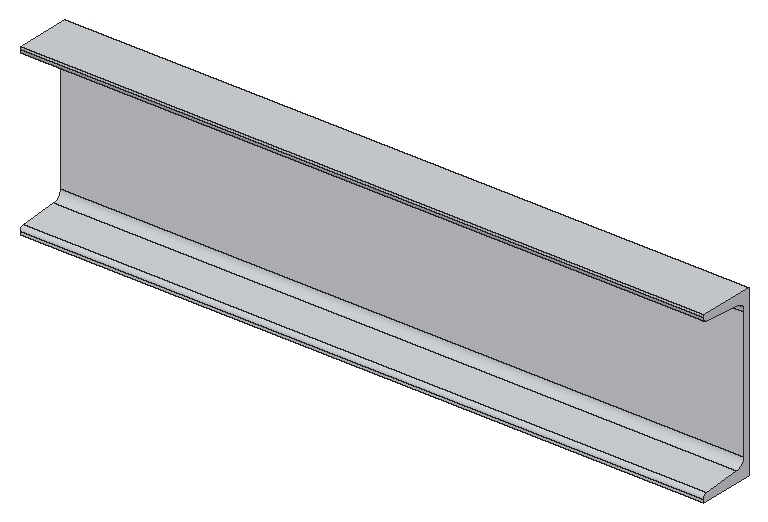
Revit family "StructuralFraming_TaperFlangeChannelProfile", category Structural Framing, Revit 2018
Family settings
  Structural Framing Length Roundoff = 1 mm
  Section Shape = C-channel Sloped Flange
  Material for Model Behavior = Steel
  Always export as geometry = No
  Always vertical = Yes
  Cut with Voids When Loaded = No
  Symbolic Representation = From Project Settings
  Shared = No
  Show family pre-cut in plan views = Yes
Parameters (values of type "UPN300")
  Width = 100 mm
  Web Toe of Fillet = 0 mm
  Web Thickness = 10 mm
  Web Fillet = 16 mm
  Warping Constant = (empty or 0)
  Torsional Moment of Inertia = 0 cm⁴
  Torsional Modulus = 0 cm³
  Structural Material [instance] = none
  Sloped Flange Angle = 4.57°
  Shear Area weak axis = 0.0 cm²
  Shear Area strong axis = 0.0 cm²
  Section Area = 0.0 cm²
  Principal Axes Angle = 0.00°
  Plastic Modulus weak axis = 0 cm³
  Plastic Modulus strong axis = 0 cm³
  Perimeter = (empty or 0)
  Nominal Weight = 0 N/m
  Moment of Inertia weak axis = 0 cm⁴
  Moment of Inertia strong axis = 0 cm⁴
  Height = 300 mm
  Flange Thickness Location = Width / 2  # 50 mm
  Flange Thickness = 16 mm
  Flange Fillet = 8 mm
  Elastic Modulus weak axis = 0 cm³
  Elastic Modulus strong axis = 0 cm³
  Clear Web Height = 0 mm
  Centroid Vertical = 0 mm
  Centroid Horizontal = 27 mm
  Bolt Spacing = 0 mm
  built-in parameter 1005539 = (empty or 0)
  Assembly Code = ""
  Length [instance] = 1500 mm
Reference planes
  plane 1 "Center (Front/Back)": y = 0
  plane 2: z = 0
  plane 3 "Center (Left/Right)": x = 4.61
  plane 4 "Member Left": x = -604.99
  plane 5 "Member Right": x = 614.21
  plane 6: y = 27
  plane 7: y = -73
  plane 8 "Top": z = 150
  plane 9: z = -150
  plane 10 "Left": x = -757.39
  plane 11 "Right": x = 742.61
Forms (mm)
  Sweep 1, solid, material <- "Structural Material", detail levels medium
    path origin (0, 0, 0) x (1, 0, 0) y (0, 1, 0)
      loop
        line (614.21, 0) -> (-604.99, 0)
    profile "U-Channels-Profile-Medium : U-Channels-Profile-Medium" origin (4.61, 0, 0) x (0, -1, 0) y (0, 0, 1)
      loop
        line (73, 150) -> (-27, 150) -> (-27, -150) -> (73, -150) -> (73, -137.997) -> (23, -134) -> (-17, -130.803) -> (-17, 130.803) -> (23, 134) -> (73, 137.997) -> (73, 150)
  Sweep 2, solid, material <- "Structural Material", detail levels fine
    path origin (0, 0, 0) x (1, 0, 0) y (0, 1, 0)
      loop
        line (614.21, 0) -> (-604.99, 0)
    profile "U-Channels-Profile-Fine : U-Channels-Profile-Fine" origin (4.61, 0, 0) x (0, -1, 0) y (0, 0, 1)
      loop
        line (73, 150) -> (-27, 150) -> (-27, -150) -> (73, -150) -> (73, -145.383)
        arc (73, -145.383) -> (70.878, -139.956) -> (65.637, -137.408) r 8
        line (65.637, -137.408) -> (23, -134) -> (-2.275, -131.98)
        arc (-2.275, -131.98) -> (-12.756, -126.884) -> (-17, -116.031) r 16
        line (-17, -116.031) -> (-17, 116.031)
        arc (-17, 116.031) -> (-12.756, 126.884) -> (-2.275, 131.98) r 16
        line (-2.275, 131.98) -> (23, 134) -> (65.637, 137.408)
        arc (65.637, 137.408) -> (70.878, 139.956) -> (73, 145.383) r 8
        line (73, 145.383) -> (73, 150)
Lines and regions (mm)
  symbolic lines, style "Hidden Faces", detail levels medium+fine
    curve 1: line (-604.99, 0, 0) -> (614.21, 0, 0)
    curve 2: line (-604.99, 4.762, 128.5) -> (614.21, 4.762, 128.5)
    curve 3: line (-604.99, 4.763, -128.5) -> (614.21, 4.763, -128.5)
  symbolic lines, style "Stick Symbols", detail levels coarse
    curve 4: line (4.61, 27, 150) -> (4.61, -73, 150)
    curve 5: line (4.61, 27, -150) -> (4.61, 27, 150)
    curve 6: line (4.61, -73, -150) -> (4.61, 27, -150)
Dimensions and locks
  "Width": plane 6 to plane 7
  "Height": plane 9 to plane 8 "Top"
  "Centroid Horizontal": plane 6 to plane 1 "Center (Front/Back)"
  equal spacing: plane 9, plane 2, plane 8 "Top"
  "Length": plane 10 "Left" to plane 11 "Right"
  aligned and locked: Sweep 1 sketch curve to plane 1 "Center (Front/Back)"
  aligned and locked: Sweep 2 sketch curve to plane 1 "Center (Front/Back)"
  aligned and locked: plane 4 "Member Left" to Sweep 1 sketch curve
  aligned and locked: plane 5 "Member Right" to Sweep 1 sketch curve
  aligned and locked: plane 4 "Member Left" to Sweep 2 sketch curve
  aligned and locked: plane 5 "Member Right" to Sweep 2 sketch curve
  aligned and locked: plane 4 "Member Left" to curve 1
  aligned and locked: plane 5 "Member Right" to curve 1
  aligned and locked: plane 4 "Member Left" to curve 2
  aligned and locked: plane 5 "Member Right" to curve 2
  aligned and locked: plane 4 "Member Left" to curve 3
  aligned and locked: plane 5 "Member Right" to curve 3
Automatic sketch dimensions
  curve 1 to plane 1 "Center (Front/Back)" = 0 mm
  curve 3 to plane 9 = 21.5 mm
  plane 8 "Top" to curve 2 = 21.5 mm
  curve 5 to plane 6 = 0 mm
  plane 9 to curve 6 = 0 mm
  plane 8 "Top" to curve 5 = 0 mm
  curve 4 to plane 7 = 0 mm
  curve 6 to plane 7 = 0 mm
